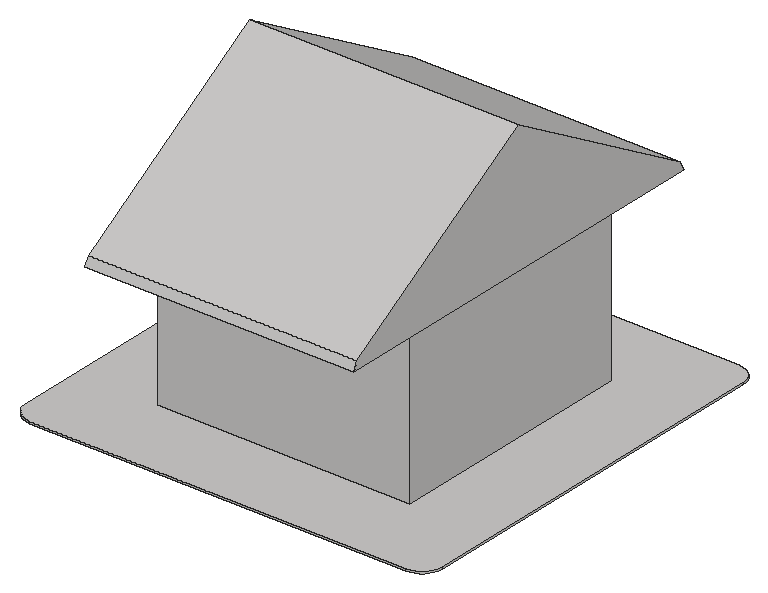
Revit family "Mechanical_Menzies-Metal_Built-Up-Roof-Vent (1)", category Mechanical Equipment, host Face, Revit 2018
Family settings
  Host = Face
  Round Connector Dimension = Use Diameter
  Part Type = Normal
  OmniClass Number = 23.70.50.21.24.11
  OmniClass Title = Roof Waste Water Drains
  Cut with Voids When Loaded = No
  Shared = No
  Room Calculation Point = No
Parameters (values of type "12 x 12")
  Width = 12"
  Weight = 6.80 lbf
  Waste Connection = no
  Vent Connection = no
  URL = "https://www.menzies-metal.com/plumbing-hvac/built-up-roof-vent/"
  Product data url = "https://www.bimobject.com/menzies-metal/product/built-up-roof-vent"
  Product Material = Metal - Menzies Metal Products - Galvanized Steel
  Product Guid = "63ebfbcc-aa18-4306-9995-e50899f83029"
  Model = "600-2105HW"
  Manufacturer = "Menzies Metal Products"  # constant formula
  HW Connection = no
  Edition number = 1
  Drain Flow = 0 GPM
  Description = "Built Up Roof Vent"  # constant formula
  Depth = 12"
  Default Elevation = 48"
  CW Connection = no
  Assembly Code = "D2040200"
Types (6): name | Width | Weight | Waste Connection | Vent Connection | Model | HW Connection | Depth | CW Connection
  5 x 14 | 14" | 4.40 lbf | yes | yes | "600-2110HW" | yes | 5" | yes
  5 x 20 | 20" | 6.50 lbf | no | no | "600-2115HW" | no | 5" | no
  12 x 12 | 12" | 6.80 lbf | no | no | "600-2105HW" | no | 12" | no
  6 x 6 | 6" | 3.60 lbf | no | no | "600-2103HW" | no | 6" | no
  8 x 8 | 8" | 4.35 lbf | yes | yes | "600-2100HW" | yes | 8" | yes
  5 x 24 | 24" | 7.75 lbf | no | no | "600-2120HW" | no | 5" | no
Reference planes (in)
  plane 1 "Center (Front/Back)": y = 0
  plane 2: z = 0
  plane 3 "Center (Left/Right)": x = 0
  plane 4: z = 0.05867
  plane 5: y = 6
  plane 6: y = -6
  plane 7: x = -6
  plane 8: x = 6
  plane 9: z = 0.09
  plane 10: z = 8.09
  plane 11: y = 9.8
  plane 12: y = -9.8
  plane 13: z = 14
  plane 14: x = 6.5
  plane 15: x = -6.5
  plane 16: x = -6.42
  plane 17: x = 6.42
  plane 18: z = 7.69
  plane 19: y = 10
  plane 20: y = -10
Forms (in)
  Extrusion 1, solid, material "Metal - Menzies Metal Products - Galvanized Steel" <- "Product Material", detail levels medium+fine
    sketch origin (0, 0, 0) x (1, 0, 0) y (0, 1, 0)
      loop
        line (-6, 6) -> (-6, -6) -> (6, -6) -> (6, 6) -> (-6, 6)
      loop
        line (-6.11579, 6.09) -> (-6.11579, -6.09) -> (6.09, -6.09) -> (6.09, 6.09) -> (-6.11579, 6.09)
    from 0 to 8.09
  Extrusion 2, solid, material "Metal - Menzies Metal Products - Galvanized Steel" <- "Product Material", detail levels medium+fine
    sketch origin (0, 0, 0) x (1, 0, 0) y (0, 1, 0)
      loop
        line (-6.11579, 6.09) -> (-6.11579, -6.09) -> (6.09, -6.09) -> (6.09, 6.09) -> (-6.11579, 6.09)
      loop
        line (9.09, 10.09) -> (-9.09, 10.09)
        arc (-9.09, 10.09) -> (-9.79711, 9.79711) -> (-10.09, 9.09) r 1
        line (-10.09, 9.09) -> (-10.09, -9.09)
        arc (-10.09, -9.09) -> (-9.79711, -9.79711) -> (-9.09, -10.09) r 1
        line (-9.09, -10.09) -> (9.09, -10.09)
        arc (9.09, -10.09) -> (9.79711, -9.79711) -> (10.09, -9.09) r 1
        line (10.09, -9.09) -> (10.09, 9.09)
        arc (10.09, 9.09) -> (9.79711, 9.79711) -> (9.09, 10.09) r 1
    from 0 to 0.09
  Extrusion 3, solid, material "Metal - Menzies Metal Products - Galvanized Steel" <- "Product Material", detail levels medium+fine
    sketch origin (0, 0, 0) x (0, 1, 0) y (0, 0, 1)
      loop
        line (9.8, 8.09) -> (0, 14) -> (-9.8, 8.09) -> (-10, 7.69) -> (10, 7.69) -> (9.8, 8.09)
    from -6.5 to 6.5
  Extrusion 4, void
    sketch origin (0, 0, 0) x (0, 1, 0) y (0, 0, 1)
      loop
        line (9.90894, 7.69) -> (9.75352, 8.01293) -> (0, 13.8949) -> (-9.75221, 8.01372) -> (-9.90731, 7.69) -> (9.90894, 7.69)
    from -6.42 to 6.42
  Extrusion 5, solid, material "Metal - Menzies Metal Products - Galvanized Steel" <- "Product Material", detail levels medium+fine
    sketch origin (0, 0, 0) x (0, 1, 0) y (0, 0, 1)
      loop
        line (6.09, 8.09) -> (-6.09, 8.09) -> (-6.09, 8) -> (6.09, 8) -> (6.09, 8.09)
    from 6 to 6.42
  Extrusion 6, solid, material "Metal - Menzies Metal Products - Galvanized Steel" <- "Product Material", detail levels medium+fine
    sketch origin (0, 0, 0) x (0, 1, 0) y (0, 0, 1)
      loop
        line (6.09, 8.09) -> (-6.09, 8.09) -> (-6.09, 8) -> (6.09, 8) -> (6.09, 8.09)
    from -6 to -6.42
  Extrusion 7, solid, material "Metal - Menzies Metal Products - Galvanized Steel" <- "Product Material", detail levels coarse
    sketch origin (0, 0, 0) x (1, 0, 0) y (0, 1, 0)
      loop
        line (-10.09, 10.09) -> (-10.09, -10.09) -> (10.09, -10.09) -> (10.09, 10.09) -> (-10.09, 10.09)
    from 0 to 0.09
  Extrusion 8, solid, material "Metal - Menzies Metal Products - Galvanized Steel" <- "Product Material", detail levels coarse
    sketch origin (0, 0, 0) x (1, 0, 0) y (0, 1, 0)
      loop
        line (-6.42, 6.09) -> (-6.42, -6.09) -> (6.42, -6.09) -> (6.42, 6.09) -> (-6.42, 6.09)
    from 0.09 to 8.09
  Extrusion 9, solid, material "Metal - Menzies Metal Products - Galvanized Steel" <- "Product Material", detail levels coarse
    sketch origin (0, 0, 0) x (0, 1, 0) y (0, 0, 1)
      loop
        line (-10, 7.69) -> (10, 7.69) -> (10, 7.96939) -> (0, 14) -> (-10, 7.96939) -> (-10, 7.69)
    from -6.5 to 6.5
Cuts and joins
  joined: Extrusion 1, Extrusion 2, Extrusion 5, Extrusion 6
  Extrusion 4 cuts Extrusion 3
Lines and regions (in)
  Masking region 1, detail levels coarse
    outline origin (0, 0, 0) x (1, 0, 0) y (0, 1, 0)
      loop
        line (-10.09, 10.09) -> (-10.09, -10.09) -> (10.09, -10.09) -> (10.09, 10.09) -> (-10.09, 10.09)
  Masking region 2, detail levels medium+fine
    outline origin (0, 0, 0) x (1, 0, 0) y (0, 1, 0)
      loop
        line (9.09, 10.09) -> (-9.09, 10.09)
        arc (-9.09, 10.09) -> (-9.79711, 9.79711) -> (-10.09, 9.09) r 1
        line (-10.09, 9.09) -> (-10.09, -9.09)
        arc (-10.09, -9.09) -> (-9.79711, -9.79711) -> (-9.09, -10.09) r 1
        line (-9.09, -10.09) -> (9.09, -10.09)
        arc (9.09, -10.09) -> (9.79711, -9.79711) -> (10.09, -9.09) r 1
        line (10.09, -9.09) -> (10.09, 9.09)
        arc (10.09, 9.09) -> (9.79711, 9.79711) -> (9.09, 10.09) r 1
  symbolic lines
    curve 1: line (-6.5, 10, 0) -> (-6.5, -10, 0)
    curve 2: line (6.5, 10, 0) -> (-6.5, 10, 0)
    curve 3: line (6.5, -10, 0) -> (6.5, 10, 0)
    curve 4: line (-6.5, -10, 0) -> (6.5, -10, 0)
    curve 5: line (-6.5, 0, 0) -> (6.5, 0, 0)
Dimensions and locks (in)
  locked: plane 4 to plane 2 at 0.05867
  equal spacing: plane 7, plane 3 "Center (Left/Right)", plane 8
  equal spacing: plane 5, plane 1 "Center (Front/Back)", plane 6
  Extrusion 2 sketch curve to Extrusion 1 = 3.97421"
  Extrusion 1 to Extrusion 2 sketch curve = 4"
  equal spacing: Extrusion 2 sketch curve, plane 1 "Center (Front/Back)", Extrusion 2 sketch curve
  equal spacing: Extrusion 2 sketch curve, plane 3 "Center (Left/Right)", Extrusion 2 sketch curve
  Extrusion 2 sketch curve to Extrusion 1 = 4"  (x2)
  plane 10 to level = 8.09"
  "Width": plane 7 to plane 8
  "Depth": plane 5 to plane 6
  equal spacing: plane 11, plane 1 "Center (Front/Back)", plane 12
  plane 11 to plane 5 = 3.8"
  plane 6 to plane 12 = 3.8"
  plane 8 to plane 14 = 0.5"
  plane 15 to plane 7 = 0.5"
  plane 15 to plane 16 = 0.08"
  plane 17 to plane 14 = 0.08"
  plane 10 to plane 18 = 0.4"
  plane 19 to plane 5 = 4"
  plane 6 to plane 20 = 4"
  locked: cut or joined group of Extrusion 3, Extrusion 4 to plane 10 at 0.4
  cut or joined group of Extrusion 1, Extrusion 2, Extrusion 5, Extrusion 6 to Extrusion 5 = 0.09"
  cut or joined group of Extrusion 1, Extrusion 2, Extrusion 5, Extrusion 6 to Extrusion 6 = 0.09"
  equal spacing: Extrusion 9 sketch curve, plane 1 "Center (Front/Back)", Extrusion 9 sketch curve
  angle Extrusion 4 sketch curve to plane 1 "Center (Front/Back)" = 25.70°
  angle plane 1 "Center (Front/Back)" to Extrusion 4 sketch curve = 25.60°
  aligned and locked: plane 2 to host face
  aligned and locked: level to host face
  aligned and locked: Extrusion 1 sketch curve to plane 5
  aligned and locked: Extrusion 1 sketch curve to plane 7
  aligned and locked: Extrusion 1 sketch curve to plane 6
  aligned and locked: Extrusion 1 sketch curve to plane 8
  aligned and locked: Extrusion 1 to level
  aligned and locked: Extrusion 2 sketch curve to Extrusion 1  (x4)
  aligned and locked: plane 9 to Extrusion 2
  aligned and locked: plane 10 to cut or joined group of Extrusion 1, Extrusion 2, Extrusion 5, Extrusion 6
  aligned and locked: plane 13 to Extrusion 3 sketch curve
  aligned and locked: plane 15 to Extrusion 3
  aligned and locked: plane 14 to Extrusion 3
  aligned and locked: Extrusion 4 to plane 17
  aligned and locked: plane 16 to Extrusion 4
  aligned and locked: cut or joined group of Extrusion 3, Extrusion 4 to Extrusion 4 sketch curve
  aligned and locked: Extrusion 5 sketch curve to cut or joined group of Extrusion 1, Extrusion 2, Extrusion 5, Extrusion 6  (x2)
  aligned and locked: cut or joined group of Extrusion 1, Extrusion 2, Extrusion 5, Extrusion 6 to Extrusion 5 sketch curve
  aligned and locked: plane 8 to Extrusion 5
  aligned and locked: Extrusion 5 to plane 17
  aligned and locked: cut or joined group of Extrusion 1, Extrusion 2, Extrusion 5, Extrusion 6 to Extrusion 6 sketch curve
  aligned and locked: Extrusion 6 sketch curve to cut or joined group of Extrusion 1, Extrusion 2, Extrusion 5, Extrusion 6
  aligned and locked: Extrusion 6 sketch curve to plane 10
  aligned and locked: plane 16 to Extrusion 6
  aligned and locked: plane 7 to Extrusion 6
  aligned and locked: Extrusion 7 sketch curve to cut or joined group of Extrusion 1, Extrusion 2, Extrusion 5, Extrusion 6  (x4)
  aligned and locked: plane 9 to Extrusion 7
  aligned and locked: Extrusion 8 sketch curve to cut or joined group of Extrusion 1, Extrusion 2, Extrusion 5, Extrusion 6  (x4)
  aligned and locked: Extrusion 8 to plane 9
  aligned and locked: Extrusion 8 to cut or joined group of Extrusion 1, Extrusion 2, Extrusion 5, Extrusion 6
  aligned and locked: cut or joined group of Extrusion 3, Extrusion 4 to Extrusion 9 sketch curve
  aligned and locked: Extrusion 9 sketch curve to cut or joined group of Extrusion 3, Extrusion 4  (x3)
  aligned and locked: plane 15 to Extrusion 9
  aligned and locked: plane 14 to Extrusion 9
  aligned and locked: Masking region 1 sketch curve to Extrusion 7  (x4)
  aligned and locked: curve 1 to Extrusion 9
  aligned and locked: curve 2 to Extrusion 9
  aligned and locked: curve 3 to Extrusion 9
  aligned and locked: curve 4 to Extrusion 9
  aligned and locked: curve 5 to Extrusion 9
  aligned and locked: Extrusion 9 to curve 5  (x2)
  aligned and locked: Masking region 2 sketch curve to cut or joined group of Extrusion 1, Extrusion 2, Extrusion 5, Extrusion 6  (x4)
Automatic sketch dimensions
  host sketch curve to host sketch curve = 94.66418"
  host sketch curve to host sketch curve = 96"
  Extrusion 1 sketch curve to plane 7 = 0.11579"
  Extrusion 1 sketch curve to plane 8 = 0.09"
  plane 6 to Extrusion 1 sketch curve = 0.09"
  plane 5 to Extrusion 1 sketch curve = 0.09"
  Extrusion 2 sketch curve to Extrusion 2 sketch curve = 1"  (x4)
  Extrusion 3 sketch curve to plane 18 = 0"
  Extrusion 3 sketch curve to plane 20 = 0"
  Extrusion 3 sketch curve to plane 10 = 0"  (x2)
  Extrusion 3 sketch curve to plane 12 = 0"
  Extrusion 3 sketch curve to plane 1 "Center (Front/Back)" = 0"
  Extrusion 3 sketch curve to plane 11 = 0"
  Extrusion 3 sketch curve to plane 19 = 0"
  Extrusion 5 sketch curve to Extrusion 5 sketch curve = 0.09"
  Extrusion 6 sketch curve to Extrusion 6 sketch curve = 0.09"
  plane 5 to Extrusion 4 sketch curve = 3.75352"
  plane 6 to Extrusion 4 sketch curve = 3.75221"
  Extrusion 4 sketch curve to plane 1 "Center (Front/Back)" = 0"
  plane 10 to Extrusion 4 sketch curve = 5.8049"
  Extrusion 4 sketch curve to plane 10 = 0.07707"
  Extrusion 4 sketch curve to plane 10 = 0.07628"
Connectors (in)
  hvac at (0, 0, 0), driven by "Width", driven by "Depth"
    settings: on cut or joined group of Extrusion 1, Extrusion 2, Extrusion 5, Extrusion 6, index 1, duct flow 0 CFM, flow factor 0, pres drop 0.00 in-wg, loss coef 0, conn angle 0.00°, conn width 12", conn height 12", conn diameter 24", duct sys type 1, conn prof type 1, flow config 0, flow direction 0, loss method 0, conn ref index -1, conn util no, is conn primary yes, conn desc ""
